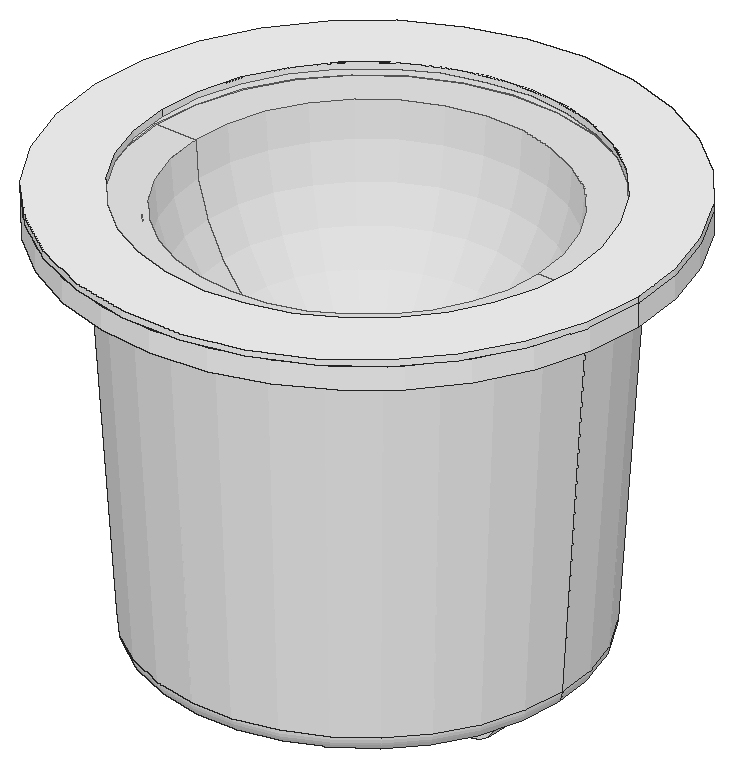
Revit family "2058894 Feilo Sylvania Lighting Fixture MYRD IP FL 2-7K PHDMEM BLK WBEZ", category Lighting Fixtures, host Face, Revit 2017
Family settings
  Host = Face
  Round Connector Dimension = Use Diameter
  Part Type = Normal
  OmniClass Number = 23.80.70.11.17
  OmniClass Title = Specialized Lighting by Location or Use
  Cut with Voids When Loaded = No
  Light Source = Yes
  Shared = No
  Room Calculation Point = No
Parameters
  Weight = "1.44 kg"
  Wattage = 15 W
  WarrantyStartDate [instance] = "n/a"
  WarrantyGuarantorParts = "n/a"
  WarrantyDurationUnit = "n/a"
  WarrantyDurationParts = "n/a"
  WarrantyDescription = "n/a"
  built-in parameter 1150110 = 1 (stored number, unit not read)
  Voltage = 230 V
  URL = "http://www.sylvania-lighting.com"
  TypeName = "MYRD IP FL 2.7K PHDMEM BLK WBEZ"
  Type Image = 0
  Type Comments = ""
  built-in parameter 1114217 = 1 (stored number, unit not read)
  Tilt Angle = -90°
  built-in parameter 1150109 = 1 (stored number, unit not read)
  built-in parameter 1150134 = (empty or 0)
  built-in parameter 1150113 = 1 (stored number, unit not read)
  SerialNumber [instance] = "n/a"
  Reflector Radius = Cutout Diameter / 2 - 2.5 mm  # 35.0 mm
  Reflector Material = Aluminum_Sylvania_Myriad_Bright
  Recessed Depth = Height  # 72.0 mm
  PowerFactor = 0
  PowerConsumption = "15 W"
  Photometric Web File = ""
  NominalWidth = 0.0 mm
  NominalLength = 76.0 mm
  NominalHeight = 72.0 mm
  Name = "MYRD IP FL 2.7K PHDMEM BLK WBEZ"
  ModelReference = "MYRD IP FL 2.7K PHDMEM BLK WBEZ"
  ModelNumber = "2058894"
  Material = "Aluminium"
  ManufacturerName = "Feilo Sylvania"
  LuminousEfficacy = "57 lm/W"
  LuminaireType = "Ceiling recessed"
  LightOutputRatio = "1"
  LampsType = Lamp  # "LED"
  LampNominalLuminous = "889 lm"
  LampMacAdamStep = "n/a"
  LampColourTemperature = "2700 K"
  LampColourRenderingIndex = "n/a"
  Keynote = "16500"
  Keynote_2 = "16500"
  InstallationDate [instance] = "n/a"
  InputVoltage = "230-240V~"
  InputNominalFrequency = "50/60 Hz"
  IngressProtection = "IP65"
  ImpactProtectionIndex = "IK02"
  IfcExportType = "IfcLightFixtureType"
  IfcExportAs = "IfcLightFixtureType"
  Height = 72.0 mm  # constant formula
  ExpectedLife = 50000
  Emit from Circle Diameter = Accessory Inner Diameter 2  # 68.0 mm
  Emit Shape Visible in Rendering = no
  ElectricShockClassification = "Class II"
  DurationUnit = "hours"
  DocumentationLiterature = "http://www.sylvania-lighting.com/product/en-int/products/2058894"
  DimmingControlOptions = "Dimmable"
  Diffuser Material = Glass_Sylvania_Myriad_Clear_4000K
  Diffuser Diameter = Cutout Diameter  # 75.0 mm
  Cutout Diameter = 75.0 mm  # constant formula
  CreatedOn = "03-11-2017"
  CreatedBy = ""
  Cost = 0
  built-in parameter 1114216 [instance] = 1 (stored number, unit not read)
  built-in parameter 1150142 = (empty or 0)
  Model = "MYRD IP FL 2.7K PHDMEM BLK WBEZ"
  Manufacturer = "Feilo Sylvania"  # constant formula
  built-in parameter 1150105 = 68.039 (stored number, unit not read)
  Lumens = 855 lm
  built-in parameter 1150115 = 1 (stored number, unit not read)
  built-in parameter 1150137 = (empty or 0)
  built-in parameter 1150139 = (empty or 0)
  built-in parameter 1150112 = 1 (stored number, unit not read)
  built-in parameter 1150114 = 1 (stored number, unit not read)
  Lamp = "LED"
  built-in parameter 1150132 = (empty or 0)
  built-in parameter 1150102 = (empty or 0)
  built-in parameter 1150107 = 2700 (stored number, unit not read)
  built-in parameter 1150138 = (empty or 0)
  built-in parameter 1150106 = 0.68039 (stored number, unit not read)
  built-in parameter 1150104 = 5.2955 (stored number, unit not read)
  Dimming Lamp Color Temperature Shift = (empty or 0)
  Description = "Supplied complete with electronic control gear Compact Fluorescent low energy downlight Emergency version passes through the cut out Ideal for low level orientation lighting New range of Architectural accessories each providing a different lit dimension New completely flush plaster up accessory ring for clean ceiling lines and smooth finish Order lamp separately"  # constant formula
  Default Elevation = 0.0 mm
  Color Filter = 16777215
  built-in parameter 1140040 [instance] = 1
  Body Radius = Reflector Radius + 1.5 mm  # 36.5 mm
  Body Material = Aluminum_Sylvania_Myriad_Gray
  BarCode [instance] = "n/a"
  built-in parameter 1114218 = 1 (stored number, unit not read)
  built-in parameter 1150133 = 10 (stored number, unit not read)
  AssetType = "Fixed"
  AssetIdentifier [instance] = "n/a"
  Assembly Code = "D5020200"
  Apparent Load = 15 VA
  Accessory Material = Aluminum_Sylvania_Myriad_White
  Accessory Inner Diameter 2 = Accessory Diameter - 22.0 mm  # 68.0 mm
  Accessory Inner Diameter 1 = Accessory Diameter - 2.0 mm  # 88.0 mm
  Accessory Diameter = Cutout Diameter + 15.0 mm  # 90.0 mm
Reference planes
  plane 1 "Center (Front/Back)": y = 0
  plane 2: z = 0
  plane 3 "Center (Left/Right)": x = 0
  plane 4: z = 2
  plane 5 "Fixture Bottom": z = 4.5
  plane 6: z = -28.5
  plane 7: z = -61.5
  plane 8 "Fixture Top": z = -67.5
  plane 9: z = 3.5
Forms (mm)
  Revolve 1, solid, material "Aluminum_Sylvania_Myriad_Bright" <- "Reflector Material", detail levels fine
    sketch origin (0, 0, 0) x (1, 0, 0) y (0, 0, 1)
      loop
        line (0, -27.515) -> (-6, -27.515)
        arc (-6, -27.515) -> (-22.333, -16.632) -> (-28.5, 2) r 30.135
        line (-28.5, 2) -> (-35, 2) -> (-35, 0) -> (-29.184, 0)
        arc (-29.184, 0) -> (-22.423, -18.18) -> (-6, -28.5) r 30.204
        line (-6, -28.5) -> (0, -28.5) -> (0, -27.515)
      axis (0, -28.5) -> (0, 2)
    angle from 0 to 360
  Revolve 2, solid, material "Aluminum_Sylvania_Myriad_Gray" <- "Body Material", detail levels fine
    sketch origin (0, 0, 0) x (1, 0, 0) y (0, 0, 1)
      loop
        line (-44, 2) -> (-44, 0) -> (-36.5, 0) -> (-32.42, -58.708)
        arc (-32.42, -58.708) -> (-31.474, -60.694) -> (-29.428, -61.5) r 3
        line (-29.428, -61.5) -> (0, -61.5) -> (0, -28.5) -> (-6, -28.5)
        arc (-6, -28.5) -> (-22.423, -18.18) -> (-29.184, 0) r 30.204
        line (-29.184, 0) -> (-35, 0) -> (-35, 2) -> (-44, 2)
      axis (0, 2) -> (0, -61.5)
    angle from 0 to 360
  Extrusion 3, solid, material "Aluminum_Sylvania_Myriad_Gray" <- "Body Material", detail levels fine
    sketch origin (0, 0, 0) x (1, 0, 0) y (0, 0, 1)
      loop
        line (-13.5, -67.5) -> (21, -67.5)
        arc (21, -67.5) -> (23.828, -66.328) -> (25, -63.5) r 4
        line (25, -63.5) -> (25, -61.5) -> (-17.5, -61.5) -> (-17.5, -63.5)
        arc (-17.5, -63.5) -> (-16.328, -66.328) -> (-13.5, -67.5) r 4
    from -4.5 to 4.5
  Extrusion 4, solid, material "Aluminum_Sylvania_Myriad_White" <- "Accessory Material", detail levels fine
    sketch origin (0, 0, 0) x (1, 0, 0) y (0, 1, 0)
      loop
        circle (0, 0) r 45
      loop
        circle (0, 0) r 44
    from 0 to 3.5
  Extrusion 5, solid, material "Aluminum_Sylvania_Myriad_White" <- "Accessory Material", detail levels fine
    sketch origin (0, 0, 0) x (1, 0, 0) y (0, 1, 0)
      loop
        circle (0, 0) r 45
      loop
        circle (0, 0) r 34
    from 3.5 to 4.5
  Extrusion 6, solid, material "Aluminum_Sylvania_Myriad_White" <- "Accessory Material", detail levels coarse+medium
    sketch origin (0, 0, 0) x (1, 0, 0) y (0, 1, 0)
      loop
        circle (0, 0) r 45
    from 0 to 4.5
  Revolve 7, solid, detail levels coarse+medium
    sketch origin (0, 0, 0) x (1, 0, 0) y (0, 0, 1)
      loop
        line (36.5, 0) -> (0, 0) -> (0, -61.5) -> (32.226, -61.5) -> (36.5, 0)
      axis (0, 0) -> (0, -61.5)
    angle from 0 to 360
  Extrusion 8, void
    sketch origin (0, 0, 0) x (1, 0, 0) y (0, 1, 0)
      loop
        circle (0, 0) r 37.5
    from -67.5 to 0
  Extrusion 9, solid, material "Glass_Sylvania_Myriad_Clear_4000K" <- "Diffuser Material", detail levels fine
    sketch origin (0, 0, 0) x (1, 0, 0) y (0, 1, 0)
      loop
        circle (0, 0) r 37.5
    from 2 to 3.5
Cuts and joins
  joined: Extrusion 4, Extrusion 5
Lines and regions (mm)
  Masking region 1
    outline origin (0, 0, 0) x (1, 0, 0) y (0, 1, 0)
      loop
        circle (0, 0) r 45
  symbolic lines
    curve 1: arc (-34, 0, 0) -> (0, 34, 0) -> (34, 0, 0) r 34
    curve 2: arc (34, 0, 0) -> (0, -34, 0) -> (-34, 0, 0) r 34
Dimensions and locks
  locked: plane 7 to plane 8 "Fixture Top" at 6
  "Body Radius": Revolve 7 sketch curve to plane 3 "Center (Left/Right)"
  locked: Revolve 7 sketch curve to Revolve 7 sketch curve at 4.274
  plane 5 "Fixture Bottom" to plane 9 to plane 4 to plane 2 to plane 6 = 1.0 mm locked, 1.5 mm locked, 2.0 mm locked, 28.5 mm locked
  "Reflector Radius": Revolve 1 sketch curve to plane 3 "Center (Left/Right)"
  Revolve 1 sketch curve to Revolve 1 sketch curve to Revolve 1 sketch curve to Revolve 1 sketch curve = 6.5 mm locked, 22.5 mm locked, 0.0 mm locked
  "Reflector Radius": plane 3 "Center (Left/Right)" to Revolve 2 sketch curve
  Revolve 2 sketch curve to Revolve 2 sketch curve to Revolve 2 sketch curve = 7.5 mm locked, 1.5 mm locked
  Revolve 2 sketch curve to Revolve 2 sketch curve to Revolve 2 sketch curve = 5.816 mm locked, 23.184 mm locked
  Revolve 2 sketch curve to Revolve 2 sketch curve to Revolve 2 sketch curve = 2.58 mm locked, 2.993 mm locked
  "Accessory Diameter": diameter of Extrusion 4 sketch curve
  "Accessory Inner Diameter 1": diameter of Extrusion 4 sketch curve
  "Accessory Diameter": diameter of Extrusion 5 sketch curve
  "Accessory Diameter": diameter of Extrusion 6 sketch curve
  "Cutout Diameter": diameter of Extrusion 8 sketch curve
  "Accessory Inner Diameter 2": diameter of Extrusion 5 sketch curve
  "Diffuser Diameter": diameter of Extrusion 9 sketch curve
  aligned and locked: plane 2 to host face
  aligned and locked: level to host face
  aligned and locked: plane 1 "Center (Front/Back)" to imposter light
  aligned and locked: plane 3 "Center (Left/Right)" to imposter light
  aligned and locked: Revolve 1 sketch curve to imposter light
  aligned and locked: Extrusion 3 sketch curve to plane 8 "Fixture Top"
  aligned and locked: plane 7 to Extrusion 3 sketch curve
  aligned and locked: Extrusion 4 to plane 2
  aligned and locked: plane 9 to Extrusion 4
  aligned and locked: Extrusion 5 to plane 9
  aligned and locked: plane 5 "Fixture Bottom" to Extrusion 5
  aligned and locked: Extrusion 6 to plane 2
  aligned and locked: plane 5 "Fixture Bottom" to Extrusion 6
  aligned and locked: Extrusion 8 to plane 8 "Fixture Top"
  aligned and locked: plane 2 to Extrusion 8
  aligned and locked: Masking region 1 sketch curve to Extrusion 6  (x2)
  aligned and locked: Extrusion 9 to plane 4
  aligned and locked: plane 9 to Extrusion 9
  aligned and locked: plane 4 to Revolve 2 sketch curve
  aligned and locked: Revolve 2 sketch curve to plane 2
  aligned and locked: curve 1 to cut or joined group of Extrusion 4, Extrusion 5
  aligned and locked: curve 2 to cut or joined group of Extrusion 4, Extrusion 5
  aligned and locked: imposter light to plane 5 "Fixture Bottom"
Automatic sketch dimensions
  host sketch curve to host sketch curve = 1305.563 mm
  host sketch curve to host sketch curve = 1283.632 mm
  Extrusion 3 sketch curve to plane 7 = 2.0 mm
  Extrusion 3 sketch curve to plane 3 "Center (Left/Right)" = 13.5 mm
  plane 3 "Center (Left/Right)" to Extrusion 3 sketch curve = 21.0 mm
  Extrusion 3 sketch curve to Extrusion 3 sketch curve = 4.0 mm
  Revolve 1 sketch curve to level = 0.0 mm
  Revolve 1 sketch curve to plane 3 "Center (Left/Right)" = 0.0 mm
  Revolve 1 sketch curve to plane 6 = 0.0 mm
  Revolve 1 sketch curve to plane 4 = 0.0 mm
  Revolve 1 sketch curve to Revolve 1 sketch curve = 0.684 mm
  level to Revolve 1 sketch curve = 0.88 mm
  Revolve 1 sketch curve to plane 4 = 0.363 mm
  Revolve 1 sketch curve to Revolve 1 sketch curve = 0.625 mm
  Revolve 1 sketch curve to plane 8 "Fixture Top" = 232.8 mm
  plane 5 "Fixture Bottom" to Revolve 1 sketch curve = 291.243 mm
  Revolve 2 sketch curve to plane 3 "Center (Left/Right)" = 0.0 mm  (x2)
  Revolve 2 sketch curve to plane 7 = 0.0 mm
  Revolve 2 sketch curve to plane 6 = 0.0 mm
  Revolve 2 sketch curve to level = 0.0 mm
  level to Revolve 2 sketch curve = 0.88 mm
  plane 7 to Revolve 2 sketch curve = 2.792 mm
  Revolve 2 sketch curve to plane 8 "Fixture Top" = 304.774 mm
  plane 5 "Fixture Bottom" to Revolve 2 sketch curve = 1137.105 mm
  Extrusion 4 sketch curve to Extrusion 4 sketch curve = 0.0 mm  (x2)
  plane 1 "Center (Front/Back)" to Extrusion 4 sketch curve = 0.0 mm
  Extrusion 4 sketch curve to plane 3 "Center (Left/Right)" = 0.0 mm
  Extrusion 5 sketch curve to Extrusion 5 sketch curve = 0.0 mm  (x2)
  plane 1 "Center (Front/Back)" to Extrusion 5 sketch curve = 0.0 mm
  Extrusion 5 sketch curve to plane 3 "Center (Left/Right)" = 0.0 mm
  plane 1 "Center (Front/Back)" to Extrusion 6 sketch curve = 0.0 mm
  Extrusion 6 sketch curve to plane 3 "Center (Left/Right)" = 0.0 mm
  Revolve 7 sketch curve to level = 0.0 mm
  Revolve 7 sketch curve to plane 3 "Center (Left/Right)" = 0.0 mm  (x2)
  Revolve 7 sketch curve to plane 7 = 0.0 mm
  Revolve 7 sketch curve to plane 8 "Fixture Top" = 304.774 mm
  plane 5 "Fixture Bottom" to Revolve 7 sketch curve = 43.226 mm
  plane 1 "Center (Front/Back)" to Extrusion 8 sketch curve = 0.0 mm
  Extrusion 8 sketch curve to plane 3 "Center (Left/Right)" = 0.0 mm
  plane 1 "Center (Front/Back)" to Extrusion 9 sketch curve = 0.0 mm
  Extrusion 9 sketch curve to plane 3 "Center (Left/Right)" = 0.0 mm
Connectors
  electrical at (-0.006, -0.019, -67.5), driven by "Apparent Load", driven by "Apparent Load"
    settings: on plane 8 "Fixture Top", index 1, voltage 230 V, apparent load 15 VA, apparent load phase1 15 VA, apparent load phase2 0 VA, apparent load phase3 0 VA, power factor 1, load classification "Lighting", number of poles 1, system type 30, power factor state 1, is connector primary yes, connector utility no, sub classification motor no, connector description ""
